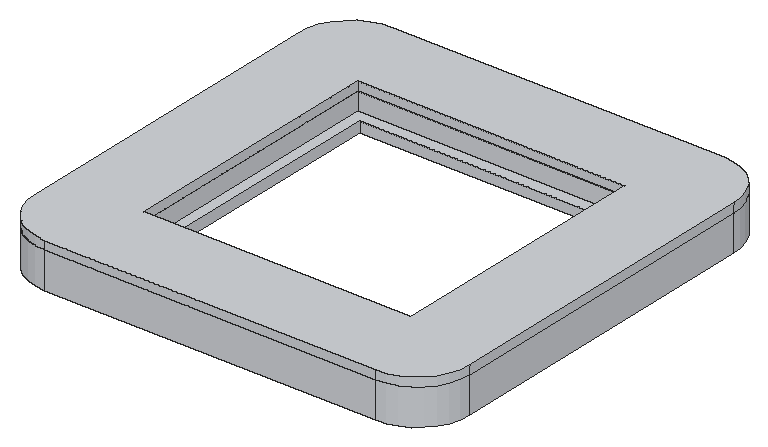
Revit family "Gira_0211411", category Electrical Fixtures, host Face, Revit 2017
Family settings
  Host = Face
  Maintain Annotation Orientation = No
  Round Connector Dimension = Use Diameter
  Part Type = Normal
  Cut with Voids When Loaded = No
  Shared = No
  Room Calculation Point = No
Parameters (values of type "Abdeckrahmen 1f Gira E3 Hellgrau/Reinweiß")
  Werkstoffgüte = "sonstige"
  Werkstoff = "sonstige"
  URL = "http://katalog.gira.de/de_DE/datenblatt.html?artikelnr=0211411"
  Transparent = "No"
  Textfeld/Beschriftungsfläche = "No"
  Schutzart (IP) = "IP20"
  Region = "DE"
  Oberfläche = "sonstige"
  Name = "Abdeckrahmen 1f Gira E3 Hellgrau/Reinweiß"
  Montagerichtung = "horizontal und vertikal"
  Mit Montagerahmen = "No"
  Mit Klappdeckel = "No"
  Manufacturer URL = "https://www.gira.de/"
  Keynote = "E3_Rahmen_1fach"
  HeinzeBIM = "https://bimportal.heinze.de/bim/abdeckrahmen-1f-gira-e3-hellgrau-reinweiss/d00268bdc5bfb8c5c4d4644b4a98dc58597ecbae"
  Halogenfrei = "Yes"
  HAN = "0211411"
  Geeignet für Unterputz-Installation = "Yes"
  Geeignet für Unterflurkanaldose = "No"
  Geeignet für Geräteeinbaukanal = "No"
  Geeignet für Einbauinstallation = "No"
  GTIN = "4010337023777"
  Farbe = "grau"
  Default Elevation = 1219.2 mm
  Data sheet (1) = "https://katalog.gira.de/de_DE/download.html?artikelnr=0211411"
  Category = "Abdeckrahmen"
  Befestigungsart = "Klemmbefestigung"
  Available = "Yes"
  Anzahl der Einheiten vertikal = "1 "
  Anzahl der Einheiten horizontal = "1 "
  Anzahl der Einheiten = "1 "
Reference planes
  plane 1 "Center (Front/Back)": y = 0
  plane 2: z = 0
  plane 3 "Center (Left/Right)": x = 0
Forms (mm)
  Extrusion 1, solid, detail levels fine
    sketch origin (0, 0, 0) x (1, 0, 0) y (0, 1, 0)
      loop
        arc (-34.8, 45.809) -> (-42.585, 42.585) -> (-45.809, 34.8) r 11.009
        line (-45.809, 34.8) -> (-45.809, -34.8)
        arc (-45.809, -34.8) -> (-42.585, -42.585) -> (-34.8, -45.809) r 11.009
        line (-34.8, -45.809) -> (34.8, -45.809)
        arc (34.8, -45.809) -> (42.585, -42.585) -> (45.809, -34.8) r 11.009
        line (45.809, -34.8) -> (45.809, 34.8)
        arc (45.809, 34.8) -> (42.585, 42.585) -> (34.8, 45.809) r 11.009
        line (34.8, 45.809) -> (-34.8, 45.809)
      loop
        line (28.187, 28.156) -> (-28.187, 28.156) -> (-28.187, -28.156) -> (28.187, -28.156) -> (28.187, 28.156)
    from 7.65 to 9.5
  Extrusion 2, solid, detail levels fine
    sketch origin (0, 0, 0) x (1, 0, 0) y (0, 1, 0)
      loop
        line (25.7, 25.7) -> (-25.7, 25.7) -> (-25.7, -25.7) -> (25.7, -25.7) -> (25.7, 25.7)
      loop
        line (-28.187, -28.156) -> (28.187, -28.156) -> (28.187, 28.156) -> (-28.187, 28.156) -> (-28.187, -28.156)
    from 1.65 to 3.9
  Extrusion 3, solid, detail levels fine
    sketch origin (0, 0, 0) x (1, 0, 0) y (0, 1, 0)
      loop
        arc (-34.8, 45.809) -> (-42.585, 42.585) -> (-45.809, 34.8) r 11.009
        line (-45.809, 34.8) -> (-45.809, -34.8)
        arc (-45.809, -34.8) -> (-42.585, -42.585) -> (-34.8, -45.809) r 11.009
        line (-34.8, -45.809) -> (34.8, -45.809)
        arc (34.8, -45.809) -> (42.585, -42.585) -> (45.809, -34.8) r 11.009
        line (45.809, -34.8) -> (45.809, 34.8)
        arc (45.809, 34.8) -> (42.585, 42.585) -> (34.8, 45.809) r 11.009
        line (34.8, 45.809) -> (-34.8, 45.809)
      loop
        line (-43.843, 34.785) -> (-43.843, -34.785)
        arc (-43.843, -34.785) -> (-41.19, -41.19) -> (-34.785, -43.843) r 9.058
        line (-34.785, -43.843) -> (34.785, -43.843)
        arc (34.785, -43.843) -> (41.19, -41.19) -> (43.843, -34.785) r 9.058
        line (43.843, -34.785) -> (43.843, 34.785)
        arc (43.843, 34.785) -> (41.19, 41.19) -> (34.785, 43.843) r 9.058
        line (34.785, 43.843) -> (-34.785, 43.843)
        arc (-34.785, 43.843) -> (-41.19, 41.19) -> (-43.843, 34.785) r 9.058
    from 0 to 7.65
  Extrusion 4, solid, detail levels fine
    sketch origin (0, 0, 0) x (1, 0, 0) y (0, 1, 0)
      loop
        line (-27.337, -31.075) -> (27.337, -31.075)
        arc (27.337, -31.075) -> (29.98, -29.98) -> (31.075, -27.337) r 3.739
        line (31.075, -27.337) -> (31.075, 27.337)
        arc (31.075, 27.337) -> (29.98, 29.98) -> (27.337, 31.075) r 3.739
        line (27.337, 31.075) -> (-27.337, 31.075)
        arc (-27.337, 31.075) -> (-29.98, 29.98) -> (-31.075, 27.337) r 3.739
        line (-31.075, 27.337) -> (-31.075, -27.337)
        arc (-31.075, -27.337) -> (-29.98, -29.98) -> (-27.337, -31.075) r 3.739
      loop
        line (-29.925, 27.537) -> (-29.925, -27.537)
        arc (-29.925, -27.537) -> (-29.226, -29.226) -> (-27.537, -29.925) r 2.389
        line (-27.537, -29.925) -> (27.537, -29.925)
        arc (27.537, -29.925) -> (29.226, -29.226) -> (29.925, -27.537) r 2.389
        line (29.925, -27.537) -> (29.925, 27.537)
        arc (29.925, 27.537) -> (29.226, 29.226) -> (27.537, 29.925) r 2.389
        line (27.537, 29.925) -> (-27.537, 29.925)
        arc (-27.537, 29.925) -> (-29.226, 29.226) -> (-29.925, 27.537) r 2.389
    from 1.65 to 7.65
  Extrusion 5, solid, detail levels fine
    sketch origin (0, 0, 0) x (1, 0, 0) y (0, 1, 0)
      loop
        line (-32.053, -39.8) -> (32.053, -39.8)
        arc (32.053, -39.8) -> (37.667, -36.708) -> (39.9, -30.7) r 9.2
        line (39.9, -30.7) -> (39.9, 30.7)
        arc (39.9, 30.7) -> (37.205, 37.205) -> (30.7, 39.9) r 9.2
        line (30.7, 39.9) -> (-30.7, 39.9)
        arc (-30.7, 39.9) -> (-37.205, 37.205) -> (-39.9, 30.7) r 9.2
        line (-39.9, 30.7) -> (-39.9, -30.7)
        arc (-39.9, -30.7) -> (-37.667, -36.708) -> (-32.053, -39.8) r 9.2
      loop
        line (-30.7, -31.7) -> (30.7, -31.7)
        arc (30.7, -31.7) -> (31.407, -31.407) -> (31.7, -30.7) r 1
        line (31.7, -30.7) -> (31.7, 30.7)
        arc (31.7, 30.7) -> (31.407, 31.407) -> (30.7, 31.7) r 1
        line (30.7, 31.7) -> (-30.7, 31.7)
        arc (-30.7, 31.7) -> (-31.407, 31.407) -> (-31.7, 30.7) r 1
        line (-31.7, 30.7) -> (-31.7, -30.7)
        arc (-31.7, -30.7) -> (-31.407, -31.407) -> (-30.7, -31.7) r 1
    from 1.65 to 3.9
  Extrusion 6, solid, detail levels fine
    sketch origin (0, 0, 0) x (1, 0, 0) y (0, 1, 0)
      loop
        line (-28.187, 28.156) -> (-28.187, -28.156) -> (28.187, -28.156) -> (28.187, 28.156) -> (-28.187, 28.156)
      loop
        line (-29.925, 29.925) -> (-29.925, -29.925) -> (29.925, -29.925) -> (29.925, 29.925) -> (-29.925, 29.925)
    from 1.65 to 7.65
  Extrusion 7, solid, detail levels coarse+medium
    sketch origin (0, 0, 0) x (1, 0, 0) y (0, 1, 0)
      loop
        line (-45.809, 45.809) -> (-45.809, -45.809) -> (45.809, -45.809) -> (45.809, 45.809) -> (-45.809, 45.809)
    from 0 to 9.5
Lines and regions (mm)
  reference lines
    curve 1: line (0, 45.809, 0) -> (0, -45.809, 0)
Dimensions and locks
  aligned and locked: plane 2 to host face
  aligned and locked: level to host face
